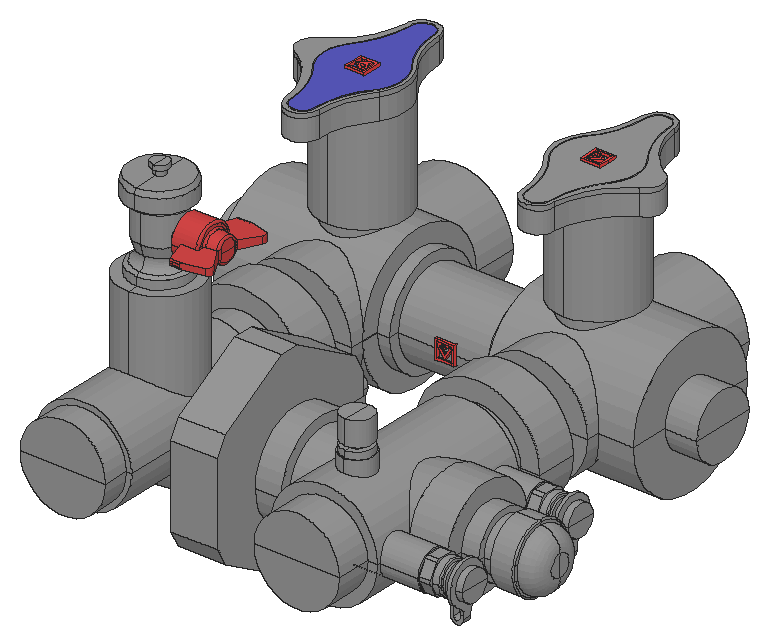
Revit family "HerzCon-узел прямого подключения для фанкойлов 120мм", category Rohrzubehör, Revit 2021
Family settings
  Bemaßung runder Anschluss = Durchmesser verwenden
  Teiletyp = Unterbricht
  OmniClass-Nummer = 23.65.55.14
  OmniClass-Titel = Valves for Liquid Services
  Arbeitsebenenbasiert = Nein
  Immer vertikal = Ja
  Beim Laden mit Abzugskörper schneiden = Nein
  Gemeinsam genutzt = Nein
Parameters (values of type "DN32")
  Среда = "Вода для системы отопления подготавливается в соответствии с ÖNORM H5195 или VDI 2035.\r\nВозможно использование этилена или пропиленгликоля в концентрации 25-50% объема."
  Применение = "HerzCON был разработан для простого подключения фанкойлов или AHU.\r\nHerzCON - это устройство, состоящее из независимого от давления комби-клапана - регулятора расхода (4006), HERZ фильтра-грязевика, HERZ крана для слива (2512) и двух HERZ мультифункциональных шаровых кранов.\r\nВключение, выключение и модульное управление возможно производить через приводы 0 - 10 В.\r\nПриводы могут быть интегрированы в BMS при необходимости.\r\nУстройство обеспечивает независимое от давления управление и в то же время гарантирует постоянный расход для конечного потребителя, максимизируя энергоэффективность системы.\r\nУстройство HerzCON также позволяет производить промывку и запирание.\r\nHerzCON предназначен для работы как в системах холодоснабжения, так и теплоснабжения.\r\nКран для слива, установленный на сетчатом фильтре, позволяет производить промывку устройства без необходимости извлечения сетчатого фильтра, а также позволяет очищать сетчатый фильтр в самом устройстве."
  Номер заказа [instance] = 1460054  # constant formula
  Мин. рабочая температура = -20 °C  # constant formula
  Макс. рабочее давление = 2500000.0 Pa  # constant formula
  Макс. рабочая температура = 130 °C  # constant formula
  Макс. дифференциальное давление = 400000.0 Pa  # constant formula
  Корпус = "латунь, устойчивая к селективной цинковой коррозии"  # constant formula
  kvs-Wert (обычная работа) = 4.57  # constant formula
  kvs-Wert (работа байпаса) = 14.2  # constant formula
  Vorgabe-Ansicht = 0.00 mm
  URL = "www.herz-armaturen.ru"
  SCRNSEQ = "ARM;TYP_ARM=\"DURR\";02"
  SCRNCODE = "05;04;04"  # constant formula
  Nennweite SF [instance] = 40.00 mm  # constant formula
  Nennweite Kombi [instance] = 40.00 mm  # constant formula
  Nennweite KH [instance] = 32.00 mm  # constant formula
  Мембрана и уплотнительное кольцо O-Ring = "EPDM"  # constant formula
  L11 = 16.00 mm  # constant formula
  L10 = 29.30 mm  # constant formula
  L09 = 20.00 mm  # constant formula
  L08 = 14.75 mm  # constant formula
  L07 = 19.25 mm  # constant formula
  L06 = 17.00 mm  # constant formula
  L05 = 26.50 mm  # constant formula
  L04 = 55.00 mm  # constant formula
  L03 = 22.40 mm  # constant formula
  L02 = 6.10 mm  # constant formula
  L01 = 15.00 mm  # constant formula
  L00 [instance] = 226.20 mm  # constant formula
  KR02 = 18.25 mm  # constant formula
  KR01 = 35.00 mm  # constant formula
  KL09 = 4.70 mm  # constant formula
  KL08 = KL06 + KL07  # 70.70 mm
  KL07 = 21.80 mm  # constant formula
  KL06 = KH01 + KL05  # 48.90 mm
  KL05 = 15.40 mm  # constant formula
  KL04 = 12.00 mm  # constant formula
  KL03 = KH03 - 9.00 mm  # 57.00 mm
  KL02 = 16.00 mm  # constant formula
  KL01 = 114.00 mm  # constant formula
  KH03 = 66.00 mm  # constant formula
  KH02 = KH01 + KD01  # 58.50 mm
  KH01 = 33.50 mm  # constant formula
  KD09 = 11.25 mm  # constant formula
  KD08 = 24.50 mm  # constant formula
  KD07 = 23.30 mm  # constant formula
  KD06 = 15.00 mm  # constant formula
  KD05 = 12.50 mm  # constant formula
  KD04 = 13.90 mm  # constant formula
  KD03 = 20.00 mm  # constant formula
  KD02 = 20.00 mm  # constant formula
  KD01 = 25.00 mm  # constant formula
  Ход = "4 мм"  # constant formula
  Hersteller = "HERZ Armaturen Ges.m.b.H."  # constant formula
  H01 = D02 + 1.00 mm  # 34.00 mm
  D10 = 21.40 mm  # constant formula
  D09 = 13.00 mm  # constant formula
  D08 = 18.40 mm  # constant formula
  D07 = 39.00 mm  # constant formula
  D06 = 45.00 mm  # constant formula
  D05 = 54.50 mm  # constant formula
  D04 = 20.00 mm  # constant formula
  D03 = 24.50 mm  # constant formula
  D02 = 33.00 mm  # constant formula
  D01 = 15.00 mm  # constant formula
Reference planes
  plane 1 "Mitte (Vorne/hinten)": y = 0
  plane 2: z = 0
  plane 3 "Mitte (Links/rechts)": x = 0
Forms (mm)
  Revolve 1, solid, material "Messing, weicher Gelbton, geschweißt", detail levels fine
    sketch origin (0, -1.436, 0) x (1, 0, 0) y (0, 1, 0)
      loop
        line (-113.1, 1.436) -> (113.1, 1.436) -> (113.1, 16.436) -> (98.1, 16.436) -> (98.1, 34.436) -> (28.5, 34.436) -> (28.5, 25.936) -> (22.4, 25.936) -> (22.4, 21.436) -> (-22.4, 21.436) -> (-22.4, 25.936) -> (-28.5, 25.936) -> (-28.5, 34.436) -> (-98.1, 34.436) -> (-98.1, 16.436) -> (-113.1, 16.436) -> (-113.1, 1.436)
      axis (113.1, 1.436) -> (-113.1, 1.436)
    angle from 0 to 360
  Revolve 2, solid, material "Messing, weicher Gelbton, geschweißt", detail levels fine
    sketch origin (0, 0, 0) x (-1, 0, 0) y (0, 1, 0)
      loop
        line (-55, -57.4) -> (-55, 33.1) -> (-71, 33.1) -> (-71, 54.5) -> (-81.5, 54.5) -> (-81.5, -39) -> (-69.75, -39) -> (-69.75, -51.4) -> (-84.3, -51.4) -> (-84.3, -70.4) -> (-75, -70.4) -> (-75, -57.4) -> (-55, -57.4)
      axis (-55, -70.4) -> (-55, 54.5)
    angle from 0 to 360
  Revolve 3, solid, material "Messing, weicher Gelbton, geschweißt", detail levels fine
    sketch origin (0, 0, 0) x (1, 0, 0) y (0, 0, 1)
      loop
        line (-55, 0) -> (-55, 45) -> (-72, 45) -> (-72, 0) -> (-55, 0)
      axis (-55, 45) -> (-55, 0)
    angle from 0 to 360
  Revolve 4, solid, material "Messing, weicher Gelbton, geschweißt", detail levels fine
    sketch origin (0, 0, 0) x (-1, 0, 0) y (0, 0, 1)
      loop
        line (-55, 0) -> (-55, 45) -> (-72, 45) -> (-72, 0) -> (-55, 0)
      axis (-55, 45) -> (-55, 0)
    angle from 0 to 360
  Revolve 5, solid, material "Messing, weicher Gelbton, geschweißt", detail levels fine
    sketch origin (0, 0, 0) x (1, 0, 0) y (0, 1, 0)
      loop
        line (-55, -57.4) -> (-55, 33.1) -> (-71, 33.1) -> (-71, 54.5) -> (-81.5, 54.5) -> (-81.5, -39) -> (-69.75, -39) -> (-69.75, -51.4) -> (-84.3, -51.4) -> (-84.3, -70.4) -> (-75, -70.4) -> (-75, -57.4) -> (-55, -57.4)
      axis (-55, -70.4) -> (-55, 54.5)
    angle from 0 to 360
  Revolve 6, solid, material "Messing, weicher Gelbton, geschweißt", detail levels fine
    sketch origin (10, 7.177, 0) x (1, 0, 0) y (0, 1, 0)
      loop
        line (45, -68.677) -> (25, -68.677) -> (25, -84.677) -> (20, -84.677) -> (20, -166.677) -> (25, -166.677) -> (25, -182.677) -> (45, -182.677) -> (45, -68.677)
      axis (45, -68.677) -> (45, -182.677)
    angle from 0 to 360
  Revolve 7, solid, material "Messing, weicher Gelbton, geschweißt", detail levels fine
    sketch origin (10, -105.85, 0) x (1, 0, 0) y (0, 1, 0)
      loop
        line (11.5, -12.65) -> (11.5, -32.65) -> (45, -32.65) -> (70, -35.95) -> (87.8, -35.95) -> (87.8, -27.65) -> (96.3, -27.65) -> (96.3, -25.15) -> (102, -25.15) -> (102, -26.55) -> (111, -26.55) -> (111, -12.65) -> (11.5, -12.65)
      axis (11.5, -12.65) -> (111, -12.65)
    angle from 0 to 360
  Revolve 8, solid, material "Messing, weicher Gelbton, geschweißt", detail levels fine
    sketch origin (10, -105.85, 0) x (1, 0, 0) y (0, 1, 0)
      loop
        line (11.5, -12.65) -> (-3.9, -12.65) -> (-3.9, -23.9) -> (-0.5, -23.9) -> (-0.5, -37.15) -> (11.5, -37.15) -> (11.5, -12.65)
      axis (-3.9, -12.65) -> (11.5, -12.65)
    angle from 0 to 360
  Extrusion 9, solid, material "Messing, weicher Gelbton, geschweißt", detail levels fine
    sketch origin (-4.9, 62.574, 0) x (0, 1, 0) y (0, 0, 1)
      loop
        line (-176.324, 46) -> (-185.824, 46) -> (-218.536, 27.114) -> (-223.286, 18.886) -> (-223.286, -18.886) -> (-218.536, -27.114) -> (-185.824, -46) -> (-176.324, -46) -> (-143.612, -27.114) -> (-138.862, -18.886) -> (-138.862, 18.886) -> (-143.612, 27.114) -> (-176.324, 46)
    from 11 to -10.8
  Revolve 10, solid, material "Messing, weicher Gelbton, geschweißt", detail levels fine
    sketch origin (-4.9, -105.85, 0) x (1, 0, 0) y (0, 1, 0)
      loop
        line (-10.8, -12.65) -> (-10.8, 22.35) -> (-15.5, 5.6) -> (-15.5, -12.65) -> (-10.8, -12.65)
      axis (-15.5, -12.65) -> (-10.8, -12.65)
    angle from 0 to 360
  Extrusion 11, solid, material "Messing, weicher Gelbton, geschweißt", detail levels fine
    sketch origin (-4.9, -105.85, 0) x (1, 0, 0) y (0, 0, 1)
      loop
        line (11, 8) -> (-7.5, 8)
        arc (-7.5, 8) -> (-15.5, 0) -> (-7.5, -8) r 8
        line (-7.5, -8) -> (11, -8) -> (11, 8)
    from -30.847 to 12.65
  Revolve 12, solid, material "Messing, weicher Gelbton, geschweißt", detail levels fine
    sketch origin (-4.9, -105.85, 0) x (1, 0, 0) y (0, 1, 0)
      loop
        line (-14.5, 30.847) -> (-7.5, 30.847) -> (-7.5, 46.847) -> (-14.5, 46.847) -> (-14.5, 35.847) -> (-11.5, 35.847) -> (-11.5, 33.847) -> (-14.5, 33.847) -> (-14.5, 30.847)
      axis (-7.5, 46.847) -> (-7.5, 30.847)
    angle from 0 to 360
  Revolve 13, solid, material "Messing, weicher Gelbton, geschweißt", detail levels fine
    sketch origin (55, -105.85, 0) x (0, 1, 0) y (0, 0, 1)
      loop
        line (-34.65, 0) -> (-26.85, 0) -> (-26.85, 31) -> (-27.65, 31) -> (-27.65, 34) -> (-30.65, 34) -> (-30.65, 36) -> (-27.65, 36) -> (-27.65, 47) -> (-34.65, 47) -> (-34.65, 0)
      axis (-34.65, 47) -> (-34.65, 0)
    angle from 0 to 360
  Revolve 14, solid, material "Messing, weicher Gelbton, geschweißt", detail levels fine
    sketch origin (0, 0, 0) x (1, 0, 0) y (0, 1, 0)
      loop
        line (55, -96.5) -> (97.8, -96.5) -> (97.8, -87.5) -> (55, -87.5) -> (55, -96.5)
      axis (97.8, -87.5) -> (55, -87.5)
    angle from 0 to 360
  Revolve 15, solid, material "Messing, weicher Gelbton, geschweißt", detail levels fine
    sketch origin (0, -396.8, 0) x (1, 0, 0) y (0, -1, 0)
      loop
        line (55, -256.3) -> (97.8, -256.3) -> (97.8, -247.3) -> (55, -247.3) -> (55, -256.3)
      axis (97.8, -247.3) -> (55, -247.3)
    angle from 0 to 360
  Revolve 16, solid, material "Messing, weicher Gelbton, geschweißt", detail levels fine
    sketch origin (0, 251.113, 0) x (1, 0, 0) y (0, 1, 0)
      loop
        line (-55, -312.613) -> (-75, -312.613) -> (-75, -335.613) -> (-77.5, -335.613) -> (-77.5, -413.943) -> (-75, -413.943) -> (-75, -425.613) -> (-55, -425.613) -> (-55, -312.613)
      axis (-55, -312.613) -> (-55, -425.613)
    angle from 0 to 360
  Revolve 17, solid, material "Messing, weicher Gelbton, geschweißt", detail levels fine
    sketch origin (-55, 0, 0) x (0, 1, 0) y (0, 0, 1)
      loop
        line (-105, 0) -> (-105, -36)
        arc (-105, -36) -> (-92.506, -32.657) -> (-84.5, -22.5) r 20.5
        line (-84.5, -22.5) -> (-84.5, 0) -> (-105, 0)
      axis (-105, 0) -> (-105, -36)
    angle from 0 to 360
  Revolve 18, solid, material "Messing, weicher Gelbton, geschweißt", detail levels fine
    sketch origin (-55, -511.376, 0) x (0, 1, 0) y (0, 0, 1)
      loop
        line (393.376, 0) -> (411.876, 0) -> (411.876, 57) -> (406.876, 57) -> (406.876, 61) -> (404.999, 62.084)
        arc (404.999, 62.084) -> (402.831, 64.622) -> (402.743, 67.959) r 5
        line (402.743, 67.959) -> (404.381, 73) -> (404.381, 88) -> (406.581, 88) -> (406.581, 89.5) -> (408.361, 89.5) -> (408.361, 96) -> (407.361, 98.5) -> (395.861, 98.5) -> (395.861, 101.5) -> (397.361, 101.5) -> (397.361, 103.5) -> (393.376, 103.5) -> (393.376, 0)
      axis (393.376, 103.5) -> (393.376, 0)
    angle from 0 to 360
  Extrusion 19, solid, material "Messing, weicher Gelbton, geschweißt", detail levels fine
    sketch origin (5.52, -501.459, 12) x (0, 1, 0) y (0, 0, 1)
      loop
        circle (383.459, 65) r 5.5
    from -60.52 to -43.52
Dimensions and locks
  "L00": Revolve 1 sketch curve to Revolve 1 sketch curve
  "L01": Revolve 1 sketch curve to Revolve 1 sketch curve  (x2)
  "L02": Revolve 1 sketch curve to Revolve 1 sketch curve  (x2)
  equal spacing: Revolve 1 sketch curve, plane 3 "Mitte (Links/rechts)", Revolve 1 sketch curve
  "D01": Revolve 1 sketch curve to Revolve 1 sketch curve  (x2)
  "D02": Revolve 1 sketch curve to Revolve 1 sketch curve  (x2)
  "D03": Revolve 1 sketch curve to Revolve 1 sketch curve  (x2)
  "D04": Revolve 1 sketch curve to Revolve 1 sketch curve
  "D04": nested 2 to plane 1 "Mitte (Vorne/hinten)"
  "D04": nested 1 to plane 1 "Mitte (Vorne/hinten)"
  "L03": Revolve 1 sketch curve to plane 3 "Mitte (Links/rechts)" to Revolve 1 sketch curve
  "L05": Revolve 2 sketch curve to Revolve 2 sketch curve
  "L04": plane 3 "Mitte (Links/rechts)" to Revolve 2 sketch curve  (x2)
  "L04": plane 3 "Mitte (Links/rechts)" to Revolve 3 sketch curve  (x2)
  "L06": Revolve 3 sketch curve to Revolve 3 sketch curve
  "D06": Revolve 3 sketch curve to plane 2
  "L06": Revolve 4 sketch curve to Revolve 4 sketch curve
  "D06": Revolve 4 sketch curve to plane 2
  "L04": plane 3 "Mitte (Links/rechts)" to Revolve 4 sketch curve
  "L04": Revolve 4 sketch curve to plane 3 "Mitte (Links/rechts)"
  "L04": plane 3 "Mitte (Links/rechts)" to nested 3
  "L04": nested 4 to plane 3 "Mitte (Links/rechts)"
  "H01": nested 3 to plane 2
  "H01": nested 4 to plane 2
  "D05": plane 1 "Mitte (Vorne/hinten)" to Revolve 2 sketch curve
  "D07": Revolve 2 sketch curve to plane 1 "Mitte (Vorne/hinten)"
  "D08": Revolve 2 sketch curve to Revolve 2 sketch curve
  "L08": Revolve 2 sketch curve to Revolve 2 sketch curve
  "L10": Revolve 2 sketch curve to Revolve 2 sketch curve
  "L09": Revolve 2 sketch curve to Revolve 2 sketch curve
  "D09": Revolve 2 sketch curve to Revolve 2 sketch curve
  "L05": Revolve 5 sketch curve to Revolve 5 sketch curve
  "D08": Revolve 5 sketch curve to Revolve 5 sketch curve
  "L08": Revolve 5 sketch curve to Revolve 5 sketch curve
  "L10": Revolve 5 sketch curve to Revolve 5 sketch curve
  "L09": Revolve 5 sketch curve to Revolve 5 sketch curve
  "D09": Revolve 5 sketch curve to Revolve 5 sketch curve
  "D05": plane 1 "Mitte (Vorne/hinten)" to Revolve 5 sketch curve
  "D07": Revolve 5 sketch curve to plane 1 "Mitte (Vorne/hinten)"
  "L11": Revolve 5 sketch curve to Revolve 5 sketch curve
  "L04": Revolve 5 sketch curve to plane 3 "Mitte (Links/rechts)"  (x2)
  "D10": Revolve 5 sketch curve to Revolve 5 sketch curve
  "L11": Revolve 2 sketch curve to Revolve 2 sketch curve
  "D10": Revolve 2 sketch curve to Revolve 2 sketch curve
  "KD02": Revolve 6 sketch curve to Revolve 6 sketch curve  (x2)
  "KD01": Revolve 6 sketch curve to Revolve 6 sketch curve
  Revolve 6 sketch curve to Revolve 6 sketch curve = 114.00 mm
  "KL02": Revolve 6 sketch curve to Revolve 6 sketch curve  (x2)
  equal spacing: Revolve 6, Revolve 7 sketch curve, Revolve 6  (x2)
  Revolve 7 sketch curve to Revolve 7 sketch curve = 99.50 mm
  Revolve 7 sketch curve to Revolve 7 sketch curve = 9.00 mm
  Revolve 7 sketch curve to Revolve 7 sketch curve = 5.70 mm
  Revolve 7 sketch curve to Revolve 7 sketch curve = 8.50 mm
  "KD04": Revolve 7 sketch curve to Revolve 7 sketch curve
  "KD05": Revolve 7 sketch curve to Revolve 7 sketch curve
  "KD06": Revolve 7 sketch curve to Revolve 7 sketch curve
  "KD03": Revolve 7 sketch curve to Revolve 7 sketch curve
  "KH01": Revolve 7 sketch curve to Revolve 7 sketch curve
  "KH02": Revolve 7 sketch curve to Revolve 7 sketch curve
  "KH01": Revolve 8 sketch curve to Revolve 7
  equal spacing: Revolve 6, Revolve 8 sketch curve, Revolve 6  (x2)
  "KD08": Revolve 8 sketch curve to Revolve 8 sketch curve
  "KD09": Revolve 8 sketch curve to Revolve 8 sketch curve
  "KL05": Revolve 8 sketch curve to Revolve 8 sketch curve
  "KL04": Revolve 8 sketch curve to Revolve 8 sketch curve
  equal spacing: Revolve 6, Revolve 10 sketch curve, Revolve 6  (x2)
  "KR02": Revolve 10 sketch curve to Revolve 10 sketch curve
  "KR01": Revolve 10 sketch curve to Revolve 10 sketch curve
  "KL09": Revolve 10 sketch curve to Extrusion 9
  equal spacing: Revolve 6, nested 5, Revolve 6
  Revolve 12 sketch curve to Revolve 12 sketch curve = 7.00 mm  (x2)
  Revolve 12 sketch curve to Revolve 12 sketch curve = 4.00 mm
  Revolve 12 sketch curve to Revolve 12 sketch curve = 3.00 mm
  Revolve 12 sketch curve to Revolve 12 sketch curve = 2.00 mm
  Revolve 12 sketch curve to Revolve 12 sketch curve = 11.00 mm
  Revolve 10 to Revolve 12 sketch curve = 1.00 mm
  Revolve 10 to Revolve 12 sketch curve = 8.00 mm
  Extrusion 11 to Revolve 12 sketch curve = 43.497 mm
  equal spacing: Revolve 6, Extrusion 11, Revolve 6
  Revolve 13 sketch curve to Revolve 13 sketch curve = 7.80 mm
  Revolve 13 sketch curve to Revolve 13 sketch curve = 7.00 mm  (x2)
  Revolve 13 sketch curve to Revolve 13 sketch curve = 4.00 mm
  Revolve 13 sketch curve to Revolve 13 sketch curve = 3.00 mm
  Revolve 13 sketch curve to Revolve 13 sketch curve = 2.00 mm
  Revolve 13 sketch curve to Revolve 13 sketch curve = 11.00 mm
  "L04": plane 3 "Mitte (Links/rechts)" to Revolve 6 sketch curve  (x2)
  "KH03": Revolve 7 sketch curve to Revolve 7 sketch curve
  "KD07": Revolve 7 sketch curve to Revolve 7 sketch curve
  "KL03": Revolve 7 to nested 5
  "KL06": Extrusion 9 to Revolve 7
  Extrusion 9 sketch curve to Extrusion 9 sketch curve = 92.00 mm  (x3)
  Extrusion 9 sketch curve to Extrusion 9 sketch curve = 84.424 mm  (x3)
  "KL07": Extrusion 9 to Extrusion 9
  "KL08": Revolve 10 sketch curve to Revolve 7
  Revolve 6 to Extrusion 9 sketch curve = 14.788 mm
  Extrusion 9 sketch curve to Revolve 6 = 14.788 mm
  Extrusion 11 sketch curve to Extrusion 11 sketch curve = 26.50 mm
  Revolve 14 sketch curve to Revolve 14 sketch curve = 42.80 mm
  Revolve 14 sketch curve to Revolve 14 sketch curve = 9.00 mm
  Revolve 14 sketch curve to Revolve 6 = 26.00 mm  (x2)
  Revolve 15 sketch curve to Revolve 15 sketch curve = 42.80 mm
  Revolve 15 sketch curve to Revolve 15 sketch curve = 9.00 mm
  Revolve 6 to Revolve 15 sketch curve = 26.00 mm  (x2)
  Revolve 6 to nested 6 = 26.00 mm
  Revolve 7 to nested 6 = 42.80 mm
  nested 7 to Revolve 6 = 26.00 mm
  Revolve 7 to nested 7 = 42.80 mm
  Revolve 13 sketch curve to plane 2 = 31.00 mm
  Revolve 13 sketch curve to Revolve 6 = 35.00 mm  (x2)
  Revolve 2 to Revolve 6 = 230.00 mm
  Revolve 16 sketch curve to Revolve 16 sketch curve = 23.00 mm
  Revolve 16 sketch curve to Revolve 16 sketch curve = 11.67 mm
  Revolve 16 sketch curve to Revolve 16 sketch curve = 113.00 mm
  "L04": Revolve 16 sketch curve to plane 3 "Mitte (Links/rechts)"  (x2)
  Revolve 16 sketch curve to Revolve 16 sketch curve = 20.00 mm  (x2)
  Revolve 16 sketch curve to Revolve 16 sketch curve = 22.50 mm
  Revolve 17 sketch curve to Revolve 17 sketch curve = 22.50 mm
  Revolve 17 sketch curve to Revolve 17 sketch curve = 20.50 mm
  "L04": Revolve 17 to plane 3 "Mitte (Links/rechts)"
  Revolve 18 sketch curve to Revolve 18 sketch curve = 13.50 mm
  "L04": Revolve 18 to plane 3 "Mitte (Links/rechts)"
  Revolve 18 sketch curve to plane 2 = 57.00 mm
  Revolve 18 sketch curve to Revolve 18 sketch curve = 4.00 mm
  equal spacing: Revolve 16, Revolve 18 sketch curve, Revolve 16  (x2)
  "L04": Extrusion 19 to plane 3 "Mitte (Links/rechts)"
  Extrusion 19 to Extrusion 19 = 17.00 mm
  Revolve 18 to Extrusion 19 = 11.00 mm
  Revolve 18 to nested 8 = 11.00 mm
  equal spacing: Revolve 16, nested 8, Revolve 16
  equal spacing: Revolve 16, Extrusion 19 sketch curve, Revolve 16
  Revolve 16 to Revolve 5 = 229.00 mm
  Revolve 16 to Revolve 17 sketch curve = 43.50 mm  (x2)
  plane 2 to Revolve 17 sketch curve = 36.00 mm
  radius of Extrusion 11 sketch curve = 8.00 mm
  radius of Extrusion 19 sketch curve = 5.50 mm
  aligned and locked: level to plane 2
Automatic sketch dimensions
  Extrusion 9 sketch curve to level = 27.114 mm  (x2)
  Extrusion 9 sketch curve to Extrusion 9 sketch curve = 4.75 mm  (x2)
  level to Extrusion 9 sketch curve = 27.114 mm  (x2)
  Extrusion 9 sketch curve to Extrusion 9 sketch curve = 32.712 mm  (x2)
  level to Extrusion 9 sketch curve = 46.00 mm
  Extrusion 9 sketch curve to Extrusion 9 sketch curve = 9.50 mm
  Extrusion 9 sketch curve to Extrusion 9 sketch curve = 8.227 mm  (x2)
  Extrusion 11 sketch curve to level = 0.00 mm
  Extrusion 11 sketch curve to plane 3 "Mitte (Links/rechts)" = 12.40 mm
  Revolve 12 sketch curve to Revolve 12 sketch curve = 1.775 mm
  Revolve 12 sketch curve to Revolve 12 sketch curve = 4.225 mm
  Revolve 13 sketch curve to level = 0.00 mm
  level to Revolve 13 sketch curve = 7.505 mm
  Revolve 13 sketch curve to Revolve 13 sketch curve = 10.256 mm
  plane 3 "Mitte (Links/rechts)" to Revolve 14 sketch curve = 55.00 mm
  Revolve 14 sketch curve to Revolve 14 sketch curve = 12.80 mm
  Revolve 14 sketch curve to Revolve 14 sketch curve = 5.00 mm
  Revolve 15 sketch curve to plane 3 "Mitte (Links/rechts)" = 55.00 mm
  Revolve 15 sketch curve to Revolve 15 sketch curve = 12.80 mm
  Revolve 15 sketch curve to Revolve 15 sketch curve = 5.00 mm
  Revolve 17 sketch curve to level = 0.00 mm
  Revolve 17 sketch curve to Revolve 17 sketch curve = 1.219 mm
  Revolve 17 sketch curve to Revolve 17 sketch curve = 6.00 mm
  Revolve 17 sketch curve to level = 5.00 mm
  Revolve 18 sketch curve to level = 0.00 mm
  Revolve 18 sketch curve to Revolve 18 sketch curve = 2.485 mm
  Revolve 18 sketch curve to Revolve 18 sketch curve = 1.50 mm  (x2)
  level to Revolve 18 sketch curve = 67.959 mm
  Revolve 18 sketch curve to Revolve 18 sketch curve = 6.883 mm
  Revolve 18 sketch curve to Revolve 18 sketch curve = 8.52 mm
  level to Revolve 18 sketch curve = 62.084 mm
  Revolve 18 sketch curve to Revolve 18 sketch curve = 2.255 mm
  Revolve 18 sketch curve to Revolve 18 sketch curve = 2.20 mm
  level to Revolve 18 sketch curve = 98.50 mm
  Revolve 18 sketch curve to Revolve 18 sketch curve = 0.78 mm
  Revolve 18 sketch curve to Revolve 18 sketch curve = 2.50 mm  (x2)
  Revolve 18 sketch curve to Revolve 18 sketch curve = 1.78 mm
  Revolve 18 sketch curve to Revolve 18 sketch curve = 5.041 mm
  Revolve 18 sketch curve to Revolve 18 sketch curve = 10.50 mm
  Revolve 18 sketch curve to Revolve 18 sketch curve = 3.00 mm
  Revolve 18 sketch curve to Revolve 18 sketch curve = 2.00 mm
  Revolve 18 sketch curve to Revolve 18 sketch curve = 8.124 mm
  Revolve 18 sketch curve to Revolve 18 sketch curve = 5.00 mm
  Revolve 18 sketch curve to Revolve 18 sketch curve = 21.227 mm
  level to Extrusion 19 sketch curve = 77.00 mm
  Revolve 1 sketch curve to plane 1 "Mitte (Vorne/hinten)" = 0.00 mm
  plane 1 "Mitte (Vorne/hinten)" to Revolve 1 sketch curve = 0.00 mm
  Revolve 1 sketch curve to Revolve 1 sketch curve = 1904.835 mm  (x2)
  Revolve 2 sketch curve to Revolve 2 sketch curve = 6.00 mm
  Revolve 2 sketch curve to Revolve 2 sketch curve = 7.746 mm
  Revolve 2 sketch curve to Revolve 2 sketch curve = 7.208 mm
  Revolve 3 sketch curve to level = 0.00 mm  (x2)
  Revolve 3 sketch curve to Revolve 3 sketch curve = 6.726 mm
  Revolve 4 sketch curve to level = 0.00 mm  (x2)
  Revolve 4 sketch curve to Revolve 4 sketch curve = 6.726 mm
  Revolve 5 sketch curve to Revolve 5 sketch curve = 6.00 mm
  Revolve 5 sketch curve to Revolve 5 sketch curve = 7.746 mm
  Revolve 5 sketch curve to Revolve 5 sketch curve = 7.208 mm
  plane 1 "Mitte (Vorne/hinten)" to Revolve 6 sketch curve = 175.50 mm
  Revolve 6 sketch curve to Revolve 6 sketch curve = 6.00 mm
  Revolve 6 sketch curve to Revolve 6 sketch curve = 5.00 mm
  plane 3 "Mitte (Links/rechts)" to Revolve 7 sketch curve = 21.50 mm
  Revolve 7 sketch curve to Revolve 7 sketch curve = 5.00 mm
  Revolve 7 sketch curve to Revolve 7 sketch curve = 11.575 mm
  Revolve 8 sketch curve to Revolve 8 sketch curve = 2.197 mm
  Revolve 8 sketch curve to Revolve 8 sketch curve = 3.212 mm
  Revolve 10 sketch curve to Revolve 10 sketch curve = 0.00 mm  (x2)
  plane 1 "Mitte (Vorne/hinten)" to Revolve 16 sketch curve = 174.50 mm
  Revolve 16 sketch curve to Revolve 16 sketch curve = 26.33 mm
  Revolve 16 sketch curve to Revolve 16 sketch curve = 12.00 mm
Nested families
  nested 1: "Herz-Logo-vorne" at (0, -20, 0) x (0, 1, 0) z (0, 0, 1), type "Herz-Logo-vorne", detail levels fine
  nested 2: "Herz-Logo-vorne" at (0, 20, 0) x (0, 1, 0) z (0, 0, 1), type "Herz-Logo-vorne", detail levels fine
  nested 3: "Handrad (blau) für HerzCon DN25-DN32" at (-55, 0, 34) x (0, -1, 0) z (0, 0, 1), type "Handrad (blau) für HerzCon DN25-DN32", detail levels fine
  nested 4: "Handrad (rot) für HerzCon DN25-DN32" at (55, 0, 34) x (0, 1, 0) z (0, 0, 1), type "Handrad (rot) für HerzCon DN25-DN32", detail levels fine
  nested 5: "Bauschutzkappe für HerCon" at (112, -118.5, 0), type "Bauschutzkappe für HerCon", detail levels fine
  nested 6: "Messstutzen_Band_Eintritt" at (80.3, -149.5, 0) x (0, 1, 0) z (0, 0, 1), type "Messstutzen_Band_Eintritt", detail levels fine
    with Schutzkappe yes, Nennweite 0.00 mm, Gewicht 0.00 kg, Bestellnummer 0
  nested 7: "Messstutzen_Band_Austritt" at (80.3, -87.5, 0) x (0, 1, 0) z (0, 0, 1), type "Messstutzen_Band_Austritt", detail levels fine
    with Schutzkappe yes, Nennweite 0.00 mm, Gewicht 0.00 kg, Bestellnummer 0
  nested 8: "Flügelgriff rot (seite)" at (-42, -118, 77), type "Flügelgriff rot (seite)"
Connectors
  piping at (55, -175.5, 0), diameter 40, driven by "Nennweite Kombi"
    settings: on Revolve 6, index 1, connector inside diameter 609.6 mm, connector length 0.00 mm, flow factor 0, pipe flow 0.0 L/s, pressure drop 0.0 Pa, fitting loss kfactor 0, connector angle 0.00°, fixture units 0, engagement length 0.00 mm, angle of deflection 0.00°, flow configuration 0, flow direction 1, fitting loss method 0, system type 7, joint type 0, gender type 0, connector reference index -1, connector utility 0, adjustable connector no, is connector primary yes, connector description ""
  piping at (-55, -174.5, 0), diameter 40, driven by "Nennweite SF"
    settings: on Revolve 16, index 2, connector inside diameter 609.6 mm, connector length 0.00 mm, flow factor 0, pipe flow 0.0 L/s, pressure drop 0.0 Pa, fitting loss kfactor 0, connector angle 0.00°, fixture units 0, engagement length 0.00 mm, angle of deflection 0.00°, flow configuration 0, flow direction 2, fitting loss method 0, system type 8, joint type 0, gender type 0, connector reference index -1, connector utility 0, adjustable connector no, is connector primary no, connector description ""
  piping at (55, 33.1, 0), diameter 32, driven by "Nennweite KH"
    settings: on Revolve 2, index 3, connector inside diameter 609.6 mm, connector length 0.00 mm, flow factor 0, pipe flow 0.0 L/s, pressure drop 0.0 Pa, fitting loss kfactor 0, connector angle 0.00°, fixture units 0, engagement length 0.00 mm, angle of deflection 0.00°, flow configuration 0, flow direction 2, fitting loss method 0, system type 7, joint type 0, gender type 0, connector reference index -1, connector utility 0, adjustable connector no, is connector primary no, connector description ""
  piping at (-55, 33.1, 0), diameter 32, driven by "Nennweite KH"
    settings: on Revolve 5, index 4, connector inside diameter 609.6 mm, connector length 0.00 mm, flow factor 0, pipe flow 0.0 L/s, pressure drop 0.0 Pa, fitting loss kfactor 0, connector angle 0.00°, fixture units 0, engagement length 0.00 mm, angle of deflection 0.00°, flow configuration 0, flow direction 1, fitting loss method 0, system type 8, joint type 0, gender type 0, connector reference index -1, connector utility 0, adjustable connector no, is connector primary no, connector description ""
Definition of nested family "Herz-Logo-vorne"
  Parameters (values of type "Herz-Logo-vorne")
    Default Elevation = 0.00 mm
  Reference planes
    plane 1 "Mitte (Vorne/hinten)": y = 0
    plane 2: z = 0
    plane 3 "Mitte (Links/rechts)": x = 0
  Forms (mm)
    Extrusion 1, solid
      sketch origin (0.732, -0.018, 0.017) x (0, -1, 0) y (0, 0, 1)
        loop
          line (-0.018, -4.517) -> (4.482, -4.517) -> (4.482, 4.483) -> (-4.518, 4.483) -> (-4.518, -4.517) -> (-0.018, -4.517)
        loop
          line (-0.05, -3.48) -> (3.482, -3.48) -> (3.482, 3.483) -> (-3.518, 3.483) -> (-3.518, -3.48) -> (-0.05, -3.48)
        loop
          arc (-0.018, 2.383) -> (-1.543, 3.287) -> (-3.067, 2.383) r 1.738
          arc (-3.067, 2.383) -> (-3.191, 1.899) -> (-3.067, 1.415) r 1.009
          line (-3.067, 1.415) -> (-0.018, -3.281) -> (3.032, 1.415)
          arc (3.032, 1.415) -> (3.156, 1.899) -> (3.032, 2.383) r 1.009
          arc (3.032, 2.383) -> (1.507, 3.287) -> (-0.018, 2.383) r 1.738
        loop
          arc (1.885, 1.272) -> (2.005, 1.675) -> (1.885, 2.079) r 0.74
          arc (1.885, 2.079) -> (1.265, 2.416) -> (0.644, 2.079) r 0.74
          line (0.644, 2.079) -> (-0.018, 0.97) -> (-0.679, 2.079)
          arc (-0.679, 2.079) -> (-1.3, 2.416) -> (-1.921, 2.079) r 0.74
          arc (-1.921, 2.079) -> (-2.04, 1.675) -> (-1.921, 1.272) r 0.74
          line (-1.921, 1.272) -> (-0.018, -1.658) -> (1.885, 1.272)
      from 0 to 1.5
  Dimensions and locks
    aligned and locked: level to plane 2
Definition of nested family "Handrad (blau) für HerzCon DN25-DN32"
  Parameters (values of type "Handrad (blau) für HerzCon DN25-DN32")
    Default Elevation = 0.00 mm
  Reference planes
    plane 1 "Mitte (Vorne/hinten)": y = 0
    plane 2: z = 0
    plane 3 "Mitte (Links/rechts)": x = 0
  Forms (mm)
    Extrusion 1, solid, detail levels fine
      sketch origin (0, 0, 0) x (1, 0, 0) y (0, 1, 0)
        loop
          circle (0, 0) r 20
      from 0 to 45
    Extrusion 2, solid, detail levels fine
      sketch origin (0, 0, 0) x (1, 0, 0) y (0, 1, 0)
        loop
          arc (-35, 7.5) -> (-42.5, 0) -> (-35, -7.5) r 7.5
          arc (-35, -7.5) -> (-19.287, -13.2) -> (-7.275, -24.825) r 40
          arc (-7.275, -24.825) -> (0, -30) -> (7.275, -24.825) r 7.7
          arc (7.275, -24.825) -> (19.287, -13.2) -> (35, -7.5) r 40
          arc (35, -7.5) -> (42.5, 0) -> (35, 7.5) r 7.5
          arc (35, 7.5) -> (22.22, 10.127) -> (10.965, 16.726) r 40
          arc (10.965, 16.726) -> (0, 20) -> (-10.965, 16.726) r 20
          arc (-10.965, 16.726) -> (-22.22, 10.127) -> (-35, 7.5) r 40
      from 45 to 55
    Extrusion 3, solid, detail levels fine
      sketch origin (0, 0, 0) x (1, 0, 0) y (0, 1, 0)
        loop
          arc (-35, 7.5) -> (-42.5, 0) -> (-35, -7.5) r 7.5
          arc (-35, -7.5) -> (-19.287, -13.2) -> (-7.275, -24.825) r 40
          arc (-7.275, -24.825) -> (0, -30) -> (7.275, -24.825) r 7.7
          arc (7.275, -24.825) -> (19.287, -13.2) -> (35, -7.5) r 40
          arc (35, -7.5) -> (42.5, 0) -> (35, 7.5) r 7.5
          arc (35, 7.5) -> (22.22, 10.127) -> (10.965, 16.726) r 40
          arc (10.965, 16.726) -> (0, 20) -> (-10.965, 16.726) r 20
          arc (-10.965, 16.726) -> (-22.22, 10.127) -> (-35, 7.5) r 40
        loop
          arc (-34.965, 5.5) -> (-40.5, 0) -> (-34.965, -5.5) r 5.5
          arc (-34.965, -5.5) -> (-21.579, -8.231) -> (-9.777, -15.113) r 42
          arc (-9.777, -15.113) -> (0, -18) -> (9.777, -15.113) r 18
          arc (9.777, -15.113) -> (21.579, -8.231) -> (34.965, -5.5) r 42
          arc (34.965, -5.5) -> (40.5, 0) -> (34.965, 5.5) r 5.5
          arc (34.965, 5.5) -> (21.579, 8.231) -> (9.777, 15.113) r 42
          arc (9.777, 15.113) -> (0, 18) -> (-9.777, 15.113) r 18
          arc (-9.777, 15.113) -> (-21.579, 8.231) -> (-34.965, 5.5) r 42
      from 55 to 57
    Extrusion 4, solid, detail levels fine
      sketch origin (0, 0, 0) x (1, 0, 0) y (0, 1, 0)
        loop
          arc (-34.965, 5.5) -> (-40.5, 0) -> (-34.965, -5.5) r 5.5
          arc (-34.965, -5.5) -> (-21.579, -8.231) -> (-9.777, -15.113) r 42
          arc (-9.777, -15.113) -> (0, -18) -> (9.777, -15.113) r 18
          arc (9.777, -15.113) -> (21.579, -8.231) -> (34.965, -5.5) r 42
          arc (34.965, -5.5) -> (40.5, 0) -> (34.965, 5.5) r 5.5
          arc (34.965, 5.5) -> (21.579, 8.231) -> (9.777, 15.113) r 42
          arc (9.777, 15.113) -> (0, 18) -> (-9.777, 15.113) r 18
          arc (-9.777, 15.113) -> (-21.579, 8.231) -> (-34.965, 5.5) r 42
      from 55 to 57
  Dimensions and locks
    aligned and locked: level to plane 2
  Nested families
    nested 1: "Herz-Logo" at (0, 0, 56.5), type "Herz-Logo", detail levels fine
  Definition of nested family "Herz-Logo"
    Parameters (values of type "Herz-Logo")
      Default Elevation = 0.00 mm
    Reference planes
      plane 1 "Mitte (Vorne/hinten)": y = 0
      plane 2: z = 0
      plane 3 "Mitte (Links/rechts)": x = 0
    Forms (mm)
      Extrusion 1, solid
        sketch origin (0, 0, 0) x (1, 0, 0) y (0, 1, 0)
          loop
            line (-0.018, -4.517) -> (4.482, -4.517) -> (4.482, 4.483) -> (-4.518, 4.483) -> (-4.518, -4.517) -> (-0.018, -4.517)
          loop
            line (-0.05, -3.48) -> (3.482, -3.48) -> (3.482, 3.483) -> (-3.518, 3.483) -> (-3.518, -3.48) -> (-0.05, -3.48)
          loop
            arc (-0.018, 2.383) -> (-1.543, 3.287) -> (-3.067, 2.383) r 1.738
            arc (-3.067, 2.383) -> (-3.191, 1.899) -> (-3.067, 1.415) r 1.009
            line (-3.067, 1.415) -> (-0.018, -3.281) -> (3.032, 1.415)
            arc (3.032, 1.415) -> (3.156, 1.899) -> (3.032, 2.383) r 1.009
            arc (3.032, 2.383) -> (1.507, 3.287) -> (-0.018, 2.383) r 1.738
          loop
            arc (1.885, 1.272) -> (2.005, 1.675) -> (1.885, 2.079) r 0.74
            arc (1.885, 2.079) -> (1.265, 2.416) -> (0.644, 2.079) r 0.74
            line (0.644, 2.079) -> (-0.018, 0.97) -> (-0.679, 2.079)
            arc (-0.679, 2.079) -> (-1.3, 2.416) -> (-1.921, 2.079) r 0.74
            arc (-1.921, 2.079) -> (-2.04, 1.675) -> (-1.921, 1.272) r 0.74
            line (-1.921, 1.272) -> (-0.018, -1.658) -> (1.885, 1.272)
        from 0 to 1.5
    Dimensions and locks
      aligned and locked: level to plane 2
Definition of nested family "Handrad (rot) für HerzCon DN25-DN32"
  Parameters (values of type "Handrad (rot) für HerzCon DN25-DN32")
    Default Elevation = 0.00 mm
  Reference planes
    plane 1 "Mitte (Vorne/hinten)": y = 0
    plane 2: z = 0
    plane 3 "Mitte (Links/rechts)": x = 0
  Forms (mm)
    Extrusion 1, solid, detail levels fine
      sketch origin (0, 0, 0) x (1, 0, 0) y (0, 1, 0)
        loop
          circle (0, 0) r 20
      from 0 to 45
    Extrusion 2, solid, detail levels fine
      sketch origin (0, 0, 0) x (1, 0, 0) y (0, 1, 0)
        loop
          arc (-35, 7.5) -> (-42.5, 0) -> (-35, -7.5) r 7.5
          arc (-35, -7.5) -> (-19.287, -13.2) -> (-7.275, -24.825) r 40
          arc (-7.275, -24.825) -> (0, -30) -> (7.275, -24.825) r 7.7
          arc (7.275, -24.825) -> (19.287, -13.2) -> (35, -7.5) r 40
          arc (35, -7.5) -> (42.5, 0) -> (35, 7.5) r 7.5
          arc (35, 7.5) -> (22.22, 10.127) -> (10.965, 16.726) r 40
          arc (10.965, 16.726) -> (0, 20) -> (-10.965, 16.726) r 20
          arc (-10.965, 16.726) -> (-22.22, 10.127) -> (-35, 7.5) r 40
      from 45 to 55
    Extrusion 3, solid, detail levels fine
      sketch origin (0, 0, 0) x (1, 0, 0) y (0, 1, 0)
        loop
          arc (-35, 7.5) -> (-42.5, 0) -> (-35, -7.5) r 7.5
          arc (-35, -7.5) -> (-19.287, -13.2) -> (-7.275, -24.825) r 40
          arc (-7.275, -24.825) -> (0, -30) -> (7.275, -24.825) r 7.7
          arc (7.275, -24.825) -> (19.287, -13.2) -> (35, -7.5) r 40
          arc (35, -7.5) -> (42.5, 0) -> (35, 7.5) r 7.5
          arc (35, 7.5) -> (22.22, 10.127) -> (10.965, 16.726) r 40
          arc (10.965, 16.726) -> (0, 20) -> (-10.965, 16.726) r 20
          arc (-10.965, 16.726) -> (-22.22, 10.127) -> (-35, 7.5) r 40
        loop
          arc (-34.965, 5.5) -> (-40.5, 0) -> (-34.965, -5.5) r 5.5
          arc (-34.965, -5.5) -> (-21.579, -8.231) -> (-9.777, -15.113) r 42
          arc (-9.777, -15.113) -> (0, -18) -> (9.777, -15.113) r 18
          arc (9.777, -15.113) -> (21.579, -8.231) -> (34.965, -5.5) r 42
          arc (34.965, -5.5) -> (40.5, 0) -> (34.965, 5.5) r 5.5
          arc (34.965, 5.5) -> (21.579, 8.231) -> (9.777, 15.113) r 42
          arc (9.777, 15.113) -> (0, 18) -> (-9.777, 15.113) r 18
          arc (-9.777, 15.113) -> (-21.579, 8.231) -> (-34.965, 5.5) r 42
      from 55 to 57
    Extrusion 4, solid, detail levels fine
      sketch origin (0, 0, 0) x (1, 0, 0) y (0, 1, 0)
        loop
          arc (-34.965, 5.5) -> (-40.5, 0) -> (-34.965, -5.5) r 5.5
          arc (-34.965, -5.5) -> (-21.579, -8.231) -> (-9.777, -15.113) r 42
          arc (-9.777, -15.113) -> (0, -18) -> (9.777, -15.113) r 18
          arc (9.777, -15.113) -> (21.579, -8.231) -> (34.965, -5.5) r 42
          arc (34.965, -5.5) -> (40.5, 0) -> (34.965, 5.5) r 5.5
          arc (34.965, 5.5) -> (21.579, 8.231) -> (9.777, 15.113) r 42
          arc (9.777, 15.113) -> (0, 18) -> (-9.777, 15.113) r 18
          arc (-9.777, 15.113) -> (-21.579, 8.231) -> (-34.965, 5.5) r 42
      from 55 to 57
  Dimensions and locks
    aligned and locked: level to plane 2
  Nested families
    nested 1: "Herz-Logo" at (0, 0, 56.5), type "Herz-Logo", detail levels fine
  Definition of nested family "Herz-Logo"
    Parameters (values of type "Herz-Logo")
      Default Elevation = 0.00 mm
    Reference planes
      plane 1 "Mitte (Vorne/hinten)": y = 0
      plane 2: z = 0
      plane 3 "Mitte (Links/rechts)": x = 0
    Forms (mm)
      Extrusion 1, solid
        sketch origin (0, 0, 0) x (1, 0, 0) y (0, 1, 0)
          loop
            line (-0.018, -4.517) -> (4.482, -4.517) -> (4.482, 4.483) -> (-4.518, 4.483) -> (-4.518, -4.517) -> (-0.018, -4.517)
          loop
            line (-0.05, -3.48) -> (3.482, -3.48) -> (3.482, 3.483) -> (-3.518, 3.483) -> (-3.518, -3.48) -> (-0.05, -3.48)
          loop
            arc (-0.018, 2.383) -> (-1.543, 3.287) -> (-3.067, 2.383) r 1.738
            arc (-3.067, 2.383) -> (-3.191, 1.899) -> (-3.067, 1.415) r 1.009
            line (-3.067, 1.415) -> (-0.018, -3.281) -> (3.032, 1.415)
            arc (3.032, 1.415) -> (3.156, 1.899) -> (3.032, 2.383) r 1.009
            arc (3.032, 2.383) -> (1.507, 3.287) -> (-0.018, 2.383) r 1.738
          loop
            arc (1.885, 1.272) -> (2.005, 1.675) -> (1.885, 2.079) r 0.74
            arc (1.885, 2.079) -> (1.265, 2.416) -> (0.644, 2.079) r 0.74
            line (0.644, 2.079) -> (-0.018, 0.97) -> (-0.679, 2.079)
            arc (-0.679, 2.079) -> (-1.3, 2.416) -> (-1.921, 2.079) r 0.74
            arc (-1.921, 2.079) -> (-2.04, 1.675) -> (-1.921, 1.272) r 0.74
            line (-1.921, 1.272) -> (-0.018, -1.658) -> (1.885, 1.272)
        from 0 to 1.5
    Dimensions and locks
      aligned and locked: level to plane 2
Definition of nested family "Bauschutzkappe für HerCon"
  Parameters (values of type "Bauschutzkappe für HerCon")
    Default Elevation = 0.00 mm
  Reference planes
    plane 1 "Mitte (Vorne/hinten)": y = 0
    plane 2: z = 0
    plane 3 "Mitte (Links/rechts)": x = 0
  Forms (mm)
    Revolve 1, solid, detail levels fine
      sketch origin (0, 0, 0) x (0, 0, 1) y (-1, 0, 0)
        loop
          line (0, 0) -> (-15.5, 0) -> (-15.5, -10.067)
          arc (-15.5, -10.067) -> (-15.733, -10.629) -> (-15.25, -11) r 0.5
          line (-15.25, -11) -> (-14.093, -11)
          arc (-14.093, -11) -> (-11.457, -17.364) -> (-5.093, -20) r 9
          line (-5.093, -20) -> (0, -20) -> (0, 0)
        axis (0, 0) -> (0, -20)
      angle from 0 to 360
  Dimensions and locks
    aligned and locked: level to plane 2
Definition of nested family "Messstutzen_Band_Eintritt"
  Parameters (values of type "Messstutzen_Band_Eintritt")
    Default Elevation = 0.00 mm
    URL = "www.herz-armaturen.at"
    Schutzkappe [instance] = yes
    Nennweite [instance] = 0.00 mm
    Manufacturer = "Herz Armaturen GmbH"  # constant formula
    Gewicht [instance] = 0.00 kg
    Bestellnummer [instance] = 0
  Reference planes
    plane 1 "Mitte (Vorne/hinten)": y = 0
    plane 2: z = 0
    plane 3 "Mitte (Links/rechts)": x = 0
    plane 4 "Schlaufe 1": y = -27
    plane 5 "Schlaufe 2": y = -31.678
  Forms (mm)
    Revolve 1, solid, detail levels fine
      sketch origin (0, 0, 0) x (1, 0, 0) y (0, 1, 0)
        loop
          line (-7.4, -9) -> (-7.4, -16.5)
          arc (-7.4, -16.5) -> (-7.693, -17.207) -> (-8.4, -17.5) r 1
          line (-8.4, -17.5) -> (-2, -17.5) -> (-2, 0) -> (-5.555, 0) -> (-6.455, -0.9) -> (-6.455, -4.681) -> (-5.843, -5.293)
          arc (-5.843, -5.293) -> (-5.626, -5.617) -> (-5.55, -6) r 1
          line (-5.55, -6) -> (-5.55, -9) -> (-7.4, -9)
        loop
          line (-3.7, -27) -> (-3.7, -30.45) -> (-4.415, -30.863) -> (-4.415, -35.19) -> (-3.805, -35.8) -> (-2, -35.8) -> (-2, -23) -> (-7.9, -23) -> (-7.9, -26.4) -> (-7.3, -27) -> (-3.7, -27)
        axis (0, 0) -> (0, -35.8)
      angle from 0 to 360
    Extrusion 2, solid, detail levels fine
      sketch origin (0, -17.5, 0) x (-1, 0, 0) y (0, 0, -1)
        loop
          line (5.156, -7.07) -> (8.7, -0.93)
          arc (8.7, -0.93) -> (8.75, 0) -> (8.7, 0.93) r 8.75
          line (8.7, 0.93) -> (5.156, 7.07)
          arc (5.156, 7.07) -> (4.375, 7.578) -> (3.544, 8) r 8.75
          line (3.544, 8) -> (-3.544, 8)
          arc (-3.544, 8) -> (-4.375, 7.578) -> (-5.156, 7.07) r 8.75
          line (-5.156, 7.07) -> (-8.7, 0.93)
          arc (-8.7, 0.93) -> (-8.75, 0) -> (-8.7, -0.93) r 8.75
          line (-8.7, -0.93) -> (-5.156, -7.07)
          arc (-5.156, -7.07) -> (-4.375, -7.578) -> (-3.544, -8) r 8.75
          line (-3.544, -8) -> (3.544, -8)
          arc (3.544, -8) -> (4.375, -7.578) -> (5.156, -7.07) r 8.75
      from 0 to 5.5
    Revolve 3, solid, visible <- "Schutzkappe", detail levels fine
      sketch origin (0, 0, 0) x (1, 0, 0) y (0, 1, 0)
        loop
          line (0, -35.878) -> (-3.805, -35.878) -> (-4.415, -35.268) -> (-4.415, -30.178) -> (-6.9, -30.178) -> (-6.9, -31.678) -> (-6.1, -31.678) -> (-6.1, -33.378) -> (-7, -33.378) -> (-7, -36.678) -> (0, -36.678) -> (0, -35.878)
        axis (0, -30.178) -> (0, -36.678)
      angle from 0 to 360
    Extrusion 4, solid, detail levels fine
      sketch origin (0, -27, 0) x (0, 0, -1) y (-1, 0, 0)
        loop
          circle (0, 0) r 3.7
        loop
          arc (5.505, 3.906) -> (-6.75, 0) -> (5.505, -3.906) r 6.75
          arc (5.505, -3.906) -> (7.288, -2.358) -> (9.582, -1.8) r 5
          line (9.582, -1.8) -> (9.582, 1.8)
          arc (9.582, 1.8) -> (7.288, 2.358) -> (5.505, 3.906) r 5
      from 0 to -1.5
    Extrusion 5, solid, detail levels fine
      sketch origin (0, -31.678, 0) x (0, 0, -1) y (-1, 0, 0)
        loop
          circle (0, 0) r 6.1
        loop
          arc (8.652, 4.495) -> (-9.75, 0) -> (8.652, -4.495) r 9.75
          arc (8.652, -4.495) -> (10.493, -2.527) -> (13.089, -1.8) r 5
          line (13.089, -1.8) -> (13.089, 1.8)
          arc (13.089, 1.8) -> (10.493, 2.527) -> (8.652, 4.495) r 5
      from 0 to -1.5
    Sweep 6, solid, detail levels fine
      path origin (0, 0, 0) x (0, 1, 0) y (0, 0, 1)
        loop
          line (-27.75, -9.582) -> (-27.75, -14.522)
          arc (-27.75, -14.522) -> (-30.089, -16.862) -> (-32.428, -14.522) r 2.339
          line (-32.428, -14.522) -> (-32.428, -13.089)
      profile origin (0, -27.75, -12.052) x (1, 0, 0) y (0, 1, 0)
        loop
          line (-1.8, 0.75) -> (-1.8, -0.75) -> (1.8, -0.75) -> (1.8, 0.75) -> (-1.8, 0.75)
  Cuts and joins
    joined: Extrusion 4, Extrusion 5, Sweep 6
  Dimensions and locks
    aligned and locked: level to plane 2
Definition of nested family "Messstutzen_Band_Austritt"
  Parameters (values of type "Messstutzen_Band_Austritt")
    Default Elevation = 0.00 mm
    URL = "www.herz-armaturen.at"
    Schutzkappe [instance] = yes
    Nennweite [instance] = 0.00 mm
    Manufacturer = "Herz Armaturen GmbH"  # constant formula
    Gewicht [instance] = 0.00 kg
    Bestellnummer [instance] = 0
  Reference planes
    plane 1 "Mitte (Vorne/hinten)": y = 0
    plane 2: z = 0
    plane 3 "Mitte (Links/rechts)": x = 0
    plane 4 "Schlaufe 1": y = -27
    plane 5 "Schlaufe 2": y = -31.678
  Forms (mm)
    Revolve 1, solid, detail levels fine
      sketch origin (0, 0, 0) x (1, 0, 0) y (0, 1, 0)
        loop
          line (-7.4, -9) -> (-7.4, -16.5)
          arc (-7.4, -16.5) -> (-7.693, -17.207) -> (-8.4, -17.5) r 1
          line (-8.4, -17.5) -> (-2, -17.5) -> (-2, 0) -> (-5.555, 0) -> (-6.455, -0.9) -> (-6.455, -4.681) -> (-5.843, -5.293)
          arc (-5.843, -5.293) -> (-5.626, -5.617) -> (-5.55, -6) r 1
          line (-5.55, -6) -> (-5.55, -9) -> (-7.4, -9)
        loop
          line (-3.7, -27) -> (-3.7, -30.45) -> (-4.415, -30.863) -> (-4.415, -35.19) -> (-3.805, -35.8) -> (-2, -35.8) -> (-2, -23) -> (-7.9, -23) -> (-7.9, -26.4) -> (-7.3, -27) -> (-3.7, -27)
        axis (0, 0) -> (0, -35.8)
      angle from 0 to 360
    Extrusion 2, solid, detail levels fine
      sketch origin (0, -17.5, 0) x (-1, 0, 0) y (0, 0, -1)
        loop
          line (5.156, -7.07) -> (8.7, -0.93)
          arc (8.7, -0.93) -> (8.75, 0) -> (8.7, 0.93) r 8.75
          line (8.7, 0.93) -> (5.156, 7.07)
          arc (5.156, 7.07) -> (4.375, 7.578) -> (3.544, 8) r 8.75
          line (3.544, 8) -> (-3.544, 8)
          arc (-3.544, 8) -> (-4.375, 7.578) -> (-5.156, 7.07) r 8.75
          line (-5.156, 7.07) -> (-8.7, 0.93)
          arc (-8.7, 0.93) -> (-8.75, 0) -> (-8.7, -0.93) r 8.75
          line (-8.7, -0.93) -> (-5.156, -7.07)
          arc (-5.156, -7.07) -> (-4.375, -7.578) -> (-3.544, -8) r 8.75
          line (-3.544, -8) -> (3.544, -8)
          arc (3.544, -8) -> (4.375, -7.578) -> (5.156, -7.07) r 8.75
      from 0 to 5.5
    Revolve 3, solid, visible <- "Schutzkappe", detail levels fine
      sketch origin (0, 0, 0) x (1, 0, 0) y (0, 1, 0)
        loop
          line (0, -35.878) -> (-3.805, -35.878) -> (-4.415, -35.268) -> (-4.415, -30.178) -> (-6.9, -30.178) -> (-6.9, -31.678) -> (-6.1, -31.678) -> (-6.1, -33.378) -> (-7, -33.378) -> (-7, -36.678) -> (0, -36.678) -> (0, -35.878)
        axis (0, -30.178) -> (0, -36.678)
      angle from 0 to 360
    Extrusion 4, solid, detail levels fine
      sketch origin (0, -27, 0) x (0, 0, -1) y (-1, 0, 0)
        loop
          circle (0, 0) r 3.7
        loop
          arc (5.505, 3.906) -> (-6.75, 0) -> (5.505, -3.906) r 6.75
          arc (5.505, -3.906) -> (7.288, -2.358) -> (9.582, -1.8) r 5
          line (9.582, -1.8) -> (9.582, 1.8)
          arc (9.582, 1.8) -> (7.288, 2.358) -> (5.505, 3.906) r 5
      from 0 to -1.5
    Extrusion 5, solid, detail levels fine
      sketch origin (0, -31.678, 0) x (0, 0, -1) y (-1, 0, 0)
        loop
          circle (0, 0) r 6.1
        loop
          arc (8.652, 4.495) -> (-9.75, 0) -> (8.652, -4.495) r 9.75
          arc (8.652, -4.495) -> (10.493, -2.527) -> (13.089, -1.8) r 5
          line (13.089, -1.8) -> (13.089, 1.8)
          arc (13.089, 1.8) -> (10.493, 2.527) -> (8.652, 4.495) r 5
      from 0 to -1.5
    Sweep 6, solid, detail levels fine
      path origin (0, 0, 0) x (0, 1, 0) y (0, 0, 1)
        loop
          line (-27.75, -9.582) -> (-27.75, -14.522)
          arc (-27.75, -14.522) -> (-30.089, -16.862) -> (-32.428, -14.522) r 2.339
          line (-32.428, -14.522) -> (-32.428, -13.089)
      profile origin (0, -27.75, -12.052) x (1, 0, 0) y (0, 1, 0)
        loop
          line (-1.8, 0.75) -> (-1.8, -0.75) -> (1.8, -0.75) -> (1.8, 0.75) -> (-1.8, 0.75)
  Cuts and joins
    joined: Extrusion 4, Extrusion 5, Sweep 6
  Dimensions and locks
    aligned and locked: level to plane 2
Definition of nested family "Flügelgriff rot (seite)"
  Parameters (values of type "Flügelgriff rot (seite)")
    Default Elevation = 0.00 mm
  Reference planes
    plane 1 "Mitte (Vorne/hinten)": y = 0
    plane 2: z = 0
    plane 3 "Mitte (Links/rechts)": x = 0
  Forms (mm)
    Revolve 1, solid, detail levels fine
      sketch origin (0, 0, 0) x (1, 0, 0) y (0, 1, 0)
        loop
          line (0, 0) -> (0, -9.5) -> (11.143, -9.5)
          arc (11.143, -9.5) -> (11.82, -9.22) -> (12.1, -8.543) r 0.957
          line (12.1, -8.543) -> (12.1, -7.39)
          arc (12.1, -7.39) -> (12.352, -6.723) -> (12.983, -6.39) r 1.008
          line (12.983, -6.39) -> (17.616, -5.81)
          arc (17.616, -5.81) -> (18.248, -5.477) -> (18.5, -4.81) r 1.009
          line (18.5, -4.81) -> (18.5, 0) -> (0, 0)
        axis (18.5, 0) -> (0, 0)
      angle from 0 to 360
    Extrusion 2, solid, detail levels fine
      sketch origin (0, 0, 0) x (0, 1, 0) y (0, 0, 1)
        loop
          arc (-20, -0.627) -> (-19.829, -1.058) -> (-19.409, -1.256) r 0.63
          line (-19.409, -1.256) -> (-4, -2.231) -> (-4, 2.225) -> (-19.471, 1.312)
          arc (-19.471, 1.312) -> (-19.847, 1.137) -> (-20, 0.752) r 0.562
          line (-20, 0.752) -> (-20, -0.627)
        loop
          line (20, -0.627) -> (20, 0.752)
          arc (20, 0.752) -> (19.847, 1.137) -> (19.471, 1.312) r 0.562
          line (19.471, 1.312) -> (4.042, 2.223) -> (4.042, -2.228) -> (19.409, -1.256)
          arc (19.409, -1.256) -> (19.829, -1.058) -> (20, -0.627) r 0.63
      from 4.6 to 23.9
    Extrusion 3, void
      sketch origin (0, 0, 0) x (1, 0, 0) y (0, 1, 0)
        loop
          line (4.6, -9.5) -> (4.6, -20) -> (7.413, -20) -> (4.6, -9.5)
        loop
          line (4.6, 9.5) -> (7.413, 20) -> (4.6, 20) -> (4.6, 9.5)
      from 5 to -5
    Extrusion 4, void
      sketch origin (0, 0, 0) x (1, 0, 0) y (0, 1, 0)
        loop
          line (18.5, -5.5) -> (23.633, -14.401)
          arc (23.633, -14.401) -> (23.744, -16.174) -> (22.401, -17.336) r 2
          line (22.401, -17.336) -> (12.113, -20) -> (25.076, -20) -> (25.076, 20) -> (12.113, 20) -> (22.401, 17.336)
          arc (22.401, 17.336) -> (23.744, 16.174) -> (23.633, 14.401) r 2
          line (23.633, 14.401) -> (18.5, 5.5) -> (18.5, -5.5)
      from 5 to -5
  Cuts and joins
    Extrusion 3, Extrusion 4 cuts Extrusion 2
    Extrusion 4 cuts Revolve 1
  Dimensions and locks
    aligned and locked: level to plane 2
